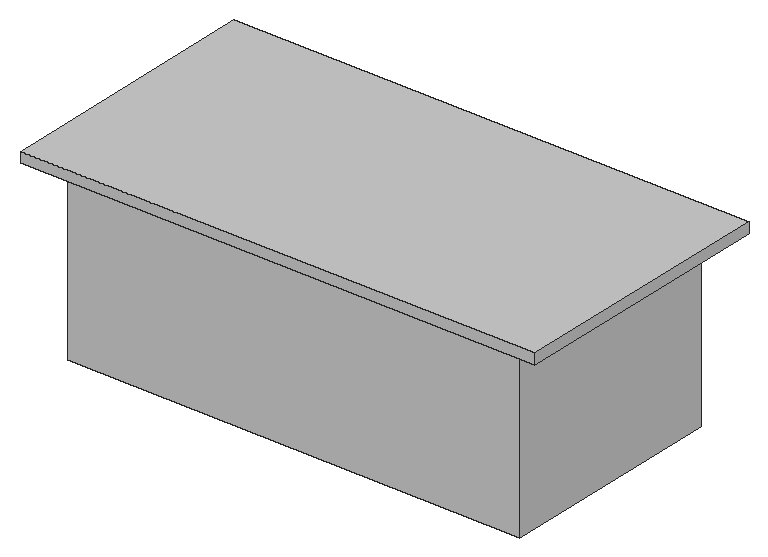
Revit family "Bancada_Lab_Ilh_Seca", category Plumbing Fixtures, Revit 2025
Family settings
  Round Connector Dimension = Use Diameter
  Part Type = Normal
  Work Plane-Based = No
  Enable Cutting in Views = No
  Always vertical = Yes
  Cut with Voids When Loaded = Yes
  Maintain Annotation Orientation = No
  Shared = No
  Room Calculation Point = Yes
Parameters (values of type "BAN_130x090_ILH_SEC_LAB")
  Material_Bancadas_Pés [instance] = CT_Bancadas_Labs
  Material_Bancadas [instance] = CT_Bancadas_Labs
  Description = "Descrição do tipo"
  Default Elevation = 0.000 m
  Banc_Profundidade = 1.300 m
  Banc_Frente [instance] = 2.500 m
  Banc_Altura = 0.900 m
Types (5, lengths in m): name | Banc_Profundidade
  BAN_130x090_ILH_SEC_LAB | 1.300
  BAN_150x090_ILH_SEC_LAB | 1.500
  BAN_070x090_ILH_SEC_LAB | 0.700
  BAN_120x090_ILH_SEC_LAB | 1.200
  BAN_060x090_ILH_SEC_LAB | 0.600
Reference planes (m)
  plane 1: z = 0
  plane 2 "Base Bancada": z = 0.9
  plane 3 "Centro E/E": x = 4
  plane 4 "Centro E/G": y = 0.575
  plane 5 "Centro E/K": x = 1.5
  plane 6 "Centro E/L": y = 1.225
  plane 7 "Centro E/M": y = -0.075
  plane 8 "Base void": z = 0.85
  plane 9: x = 3.850011
  plane 10: x = 1.65
  plane 11 "Centro E/O": y = 0.025
  plane 12 "Centro E/P": y = 1.125
  plane 13 "Centro E/Q": x = 2.75
Forms (m)
  Extrusion 1, solid, material "CT_Bancadas_Labs" <- "Material_Bancadas"
    sketch origin (0, 0, 0) x (1, 0, 0) y (0, 1, 0)
      loop
        line (1.5, -0.075) -> (4, -0.075) -> (4, 1.225) -> (1.5, 1.225) -> (1.5, -0.075)
    from 0.85 to 0.9
  Extrusion 2, solid, material "CT_Bancadas_Labs" <- "Material_Bancadas_Pés"
    sketch origin (0, 0, 0) x (1, 0, 0) y (0, 1, 0)
      loop
        line (1.65, 1.125) -> (1.65, 0.025) -> (3.850011, 0.025) -> (3.850011, 1.125) -> (1.65, 1.125)
    from 0.85 to 0
Dimensions and locks (m)
  "Banc_Altura": plane 2 "Base Bancada" to level
  plane 2 "Base Bancada" to plane 8 "Base void" = 0.050 m  (x2)
  "Banc_Frente": plane 5 "Centro E/K" to plane 3 "Centro E/E"
  equal spacing: plane 7 "Centro E/M", plane 4 "Centro E/G", plane 6 "Centro E/L"
  "Banc_Profundidade": plane 7 "Centro E/M" to plane 6 "Centro E/L"
  locked: plane 10 to plane 5 "Centro E/K" at 0.15
  locked: plane 3 "Centro E/E" to plane 9 at 0.149989
  locked: plane 6 "Centro E/L" to plane 12 "Centro E/P" at 0.1
  locked: plane 11 "Centro E/O" to plane 7 "Centro E/M" at 0.1
  equal spacing: plane 5 "Centro E/K", plane 13 "Centro E/Q", plane 3 "Centro E/E"
  aligned and locked: plane 1 to level
  aligned and locked: plane 2 "Base Bancada" to Extrusion 1
  aligned and locked: Extrusion 1 sketch curve to plane 5 "Centro E/K"
  aligned and locked: plane 3 "Centro E/E" to Extrusion 1 sketch curve
  aligned and locked: Extrusion 1 to plane 8 "Base void"
  aligned and locked: Extrusion 2 to Extrusion 1
  aligned and locked: Extrusion 2 to level
  aligned and locked: Extrusion 2 to plane 10
  aligned and locked: plane 9 to Extrusion 2
  aligned and locked: Extrusion 2 to plane 12 "Centro E/P"
  aligned and locked: plane 11 "Centro E/O" to Extrusion 2
Automatic sketch dimensions
  plane 7 "Centro E/M" to Extrusion 1 sketch curve = 0.000 m
  plane 6 "Centro E/L" to Extrusion 1 sketch curve = 0.000 m
  plane 5 "Centro E/K" to Extrusion 2 sketch curve = 0.150 m
  Extrusion 2 sketch curve to plane 3 "Centro E/E" = 0.149989 m
  Extrusion 2 sketch curve to plane 7 "Centro E/M" = 0.100 m
  plane 6 "Centro E/L" to Extrusion 2 sketch curve = 0.100 m
